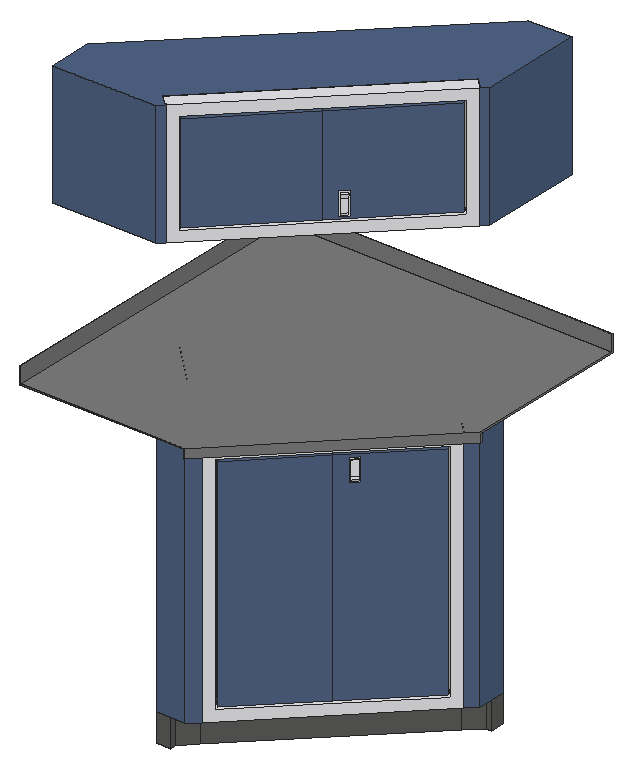
Revit family "Cabinet_Base-Cabinet_45-Degree-With-Overhead-Countertop_Moduline", category Furniture, Revit 2026
Family settings
  Classification Number = 23.40.20.00
  Work Plane-Based = No
  Enable Cutting in Views = No
  Always vertical = Yes
  Cut with Voids When Loaded = No
  Render Appearance Source = Family Geometry
  Shared = No
  Room Calculation Point = No
Parameters (values of type "36"H x 24"D x 30"W With 18"H Overhead")
  Width = 30.000"
  URL = "https://modulinecabinets.com"
  Toe Kick Material [instance] = Metal - Moduline Aluminum Cabinets - Black
  Toe Kick Height [instance] = if(Toe Kick 2in, 2.000", 4.000")  # 4.000"
  Toe Kick 4in [instance] = not(Toe Kick 2in)  # yes
  Toe Kick 2in [instance] = no
  Product Page URL = "https://www.arcat.com/company/moduline-aluminum-cabinets-54175"
  Overhead Height = 18.000"
  Model = "Pro II 45 Degree Base With Ovehead Cabinet"
  Manufacturer = "Moduline Aluminum Cabinets"
  Light Shields [instance] = no
  Keynote = "12 35 00"
  Height = 35.875"
  Frame Material [instance] = Aluminum - Moduline Aluminum Cabinets - Clear Anodized
  Door Clearance = Width / 2  # 15.000"
  Description = "Modular 45 Degree Base With Ovehead Cabinet, Double Door, 36\" Height x 24\" Depth x 30\" Width With 18\"H Overhead"
  Depth = 24.000"
  Default Elevation = 0.000"
  Countertop Material [instance] = Stainless Steel - Moduline Aluminum Cabinets - Deep Stainless Steel
  Countertop Height [instance] = if(Height = 31.875", 25.125", if(Height = 35.875", 21.125", 0.000"))  # 21.125"
  Copyright = "ARCAT"
  Cabinet Material [instance] = Aluminum - Moduline Aluminum Cabinets - Moduline Blue
Types (4): name | Overhead Height | Height | Description | Countertop Height
  36"H x 24"D x 30"W With 24"H Overhead | 24.000" | 35.875" | "Modular 45 Degree Base With Ovehead Cabinet, Double Door, 36\" Height x 24\" Depth x 30\" Width With 24\"H Overhead" | 21.125"
  32"H x 24"D x 30"W With 18"H Overhead | 18.000" | 31.875" | "Modular 45 Degree Base With Ovehead Cabinet, Double Door, 32\" Height x 24\" Depth x 30\" Width With 18\"H Overhead" | 25.125"
  36"H x 24"D x 30"W With 18"H Overhead | 18.000" | 35.875" | "Modular 45 Degree Base With Ovehead Cabinet, Double Door, 36\" Height x 24\" Depth x 30\" Width With 18\"H Overhead" | 21.125"
  32"H x 24"D x 30"W With 24"H Overhead | 24.000" | 31.875" | "Modular 45 Degree Base With Ovehead Cabinet, Double Door, 32\" Height x 24\" Depth x 30\" Width With 24\"H Overhead" | 25.125"
Reference planes (in)
  plane 1 "Center Front/Back": y = 0
  plane 2 "Bottom": z = 0
  plane 3 "Center Left/Right": x = 0
  plane 4 "Top": z = 39.875
  plane 5 "Toe Kick Height": z = 4
  plane 6 "Back Cabinet": through (10.49439, -27.34644, 48) normal (-0.7071, 0.7071, 0)
  plane 7 "Center of the Cabinet": through (0, 0, 48) normal (0.7071, 0.7071, 0)
  plane 8 "Back Overhead": through (4.75684, -30.96266, 48) normal (-0.7071, 0.7071, 0)
  plane 9 "Overhead Bottom": z = 61
  plane 10: z = 40
  plane 11: y = -48
  plane 12: x = 48
  plane 13: x = 42
  plane 14: y = -42
Lines and regions (in)
  Masking region 1
    outline origin (0, 0, 39.875) x (-1, 0, 0) y (0, -1, 0)
      loop
        line (-48, 0) -> (0, 0) -> (0, 48) -> (-23.97822, 48) -> (-48, 23.97822) -> (-48, 0)
Dimensions and locks (in)
  "Toe Kick Height": plane 5 "Toe Kick Height" to plane 2 "Bottom"
  "Height": plane 4 "Top" to plane 5 "Toe Kick Height"
  plane 9 "Overhead Bottom" to plane 10 = 21.000"
  locked: plane 10 to plane 4 "Top" at 0.125
  locked: plane 11 to plane 1 "Center Front/Back" at 48
  plane 3 "Center Left/Right" to plane 12 = 48.000"
  plane 3 "Center Left/Right" to plane 13 = 42.000"
  plane 14 to plane 1 "Center Front/Back" = 42.000"
  aligned and locked: level to plane 2 "Bottom"
  aligned and locked: plane 7 "Center of the Cabinet" to nested 1
  aligned and locked: nested 1 to plane 6 "Back Cabinet"
  aligned and locked: nested 2 to plane 8 "Back Overhead"
  aligned and locked: plane 7 "Center of the Cabinet" to nested 2
  aligned and locked: Masking region 1 sketch curve to plane 1 "Center Front/Back"
  aligned and locked: Masking region 1 sketch curve to plane 3 "Center Left/Right"
  aligned and locked: plane 7 "Center of the Cabinet" to nested 3
  aligned and locked: nested 3 to plane 10
  aligned and locked: plane 12 to Masking region 1 sketch curve
  aligned and locked: Masking region 1 sketch curve to plane 11
Automatic sketch dimensions
  plane 3 "Center Left/Right" to Masking region 1 sketch curve = 23.97822"
  Masking region 1 sketch curve to Masking region 1 sketch curve = 23.97822"
Nested families (in)
  nested 1: "NEST_Base-Cabinet_2-Doors" at (18.92041, -18.92041, 0) x (0.7071, 0.7071, 0) z (0, 0, 1), Toe Kick 4in <- "Toe Kick 4in", Cabinet Material <- "Cabinet Material", Frame Material <- "Frame Material", Toe Kick Material <- "Toe Kick Material", type "NEST_Base-Cabinet_2-Doors"
    with Toe Kick Material Metal - Moduline Aluminum Cabinets - Black, Toe Kick Height 4.000", Toe Kick 4in yes, Toe Kick 2in no, Frame Material Aluminum - Moduline Aluminum Cabinets - Clear Anodized, Cabinet Material Aluminum - Moduline Aluminum Cabinets - Moduline Blue
  nested 2: "NEST_Overhead-Corner" at (17.85975, -17.85975, 61) x (0.7071, 0.7071, 0) z (0, 0, 1), Cabinet Material <- "Cabinet Material", Frame Material <- "Frame Material", Light Shields <- "Light Shields", type "NEST_Overhead-Corner"
    with Light Shields Material Aluminum - Moduline Aluminum Cabinets - Clear Anodized, Light Shields no, Frame Material Aluminum - Moduline Aluminum Cabinets - Clear Anodized, Cabinet Material Aluminum - Moduline Aluminum Cabinets - Moduline Blue, Height 18.000"
  nested 3: "NEST_Countertop_45-Degree" at (0, 0, 39.92), type "NEST_Countertop_45-Degree"
    with Countertop Material Stainless Steel - Moduline Aluminum Cabinets - Deep Stainless Steel
Definition of nested family "NEST_Base-Cabinet_2-Doors"
  Parameters (values of type "NEST_Base-Cabinet_2-Doors")
    Width = 30.000"
    URL = "https://modulinecabinets.com"
    Toe Kick Material [instance] = none
    Toe Kick Height [instance] = if(Toe Kick 2in, 2.000", 4.000")  # 4.000"
    Toe Kick 4in [instance] = yes
    Toe Kick 2in [instance] = not(Toe Kick 4in)  # no
    Product Page URL = "https://www.arcat.com/company/moduline-aluminum-cabinets-54175"
    Model = "Pro II Base Cabinet"
    Manufacturer = "Moduline Aluminum Cabinets"
    Keynote = "12 35 00"
    Height = 35.875"
    Handle Length = Width - 3.500"  # 26.500"
    Frame Material [instance] = none
    Door Clearance = Width / 2  # 15.000"
    Description = "Modular Base Cabinet, Double Door, 36\" Height x 24\" Depth x 30\" Width"
    Depth = 24.000"
    Default Elevation = 0.000"
    Copyright = "ARCAT"
    Cabinet Material [instance] = none
  Reference planes (in)
    plane 1 "Center Front/Back": y = 0
    plane 2 "Bottom": z = 0
    plane 3 "Center Left/Right": x = 0
    plane 4 "Top": z = 39.875
    plane 5 "Left": x = -15
    plane 6 "Right": x = 15
    plane 7 "Toe Kick Height": z = 4
    plane 8 "Front": y = -24
    plane 9 "Frame Back": y = -21.81448
  Forms (in)
    Extrusion 1, solid, material <- "Toe Kick Material"
      sketch origin (0, 0, 0) x (0, 1, 0) y (0, 0, 1)
        loop
          line (-21.81448, 4) -> (-21.81448, 0) -> (0, 0) -> (0, 4) -> (-21.81448, 4)
      from -15 to 15
    Extrusion 2, solid, material <- "Cabinet Material"
      sketch origin (0, 0, 0) x (0, 1, 0) y (0, 0, 1)
        loop
          line (-21.81448, 39.875) -> (-21.81448, 4) -> (0, 4) -> (0, 39.875) -> (-21.81448, 39.875)
      from -15 to 15
    Extrusion 3, solid, material <- "Frame Material"
      sketch origin (0, 0, 0) x (1, 0, 0) y (0, 0, 1)
        loop
          line (-15, 39.875) -> (-15, 4) -> (15, 4) -> (15, 39.875) -> (-15, 39.875)
        loop
          line (-13.5, 38.375) -> (-13.5, 5.5) -> (13.5, 5.5) -> (13.5, 38.375) -> (-13.5, 38.375)
      from 21.81448 to 24
    Extrusion 4, solid, material <- "Cabinet Material"
      sketch origin (0, 0, 0) x (1, 0, 0) y (0, 0, 1)
        loop
          line (-13.2, 37.975) -> (-13.2, 5.9) -> (-0.06202, 5.9) -> (-0.06202, 37.975) -> (-13.2, 37.975)
        loop
          line (13.2, 5.9) -> (13.2, 37.975) -> (0.06202, 37.975) -> (0.06202, 5.9) -> (13.2, 5.9)
      from 21.81448 to 24
    Extrusion 5, solid, material <- "Cabinet Material"
      sketch origin (0, 0, 39.875) x (-1, 0, 0) y (0, -1, 0)
        loop
          line (15, 19.93841) -> (18.64645, 19.93841) -> (19.81328, 21.10524) -> (16.91852, 24) -> (15, 24) -> (15, 19.93841)
        loop
          line (-15, 19.93841) -> (-15, 24) -> (-16.91852, 24) -> (-19.81328, 21.10524) -> (-18.64645, 19.93841) -> (-15, 19.93841)
      from -35.875 to 0
    Extrusion 6, solid, material <- "Toe Kick Material"
      sketch origin (0, 0, 39.875) x (-1, 0, 0) y (0, -1, 0)
        loop
          line (18.64645, 19.93841) -> (19.81328, 21.10524) -> (18.39117, 22.52736) -> (17.80222, 21.93841) -> (15, 21.93841) -> (15, 19.93841) -> (18.64645, 19.93841)
        loop
          line (-18.64645, 19.93841) -> (-15, 19.93841) -> (-15, 21.93841) -> (-17.80222, 21.93841) -> (-18.39117, 22.52736) -> (-19.81328, 21.10524) -> (-18.64645, 19.93841)
      from -35.875 to -39.875
  Cuts and joins
    joined: Extrusion 2, Extrusion 4, Extrusion 5
    joined: Extrusion 1, Extrusion 6
  Lines and regions (in)
    Masking region 1
      outline origin (0, 0, 0) x (1, 0, 0) y (0, 1, 0)
        loop
          line (-15, 0) -> (-15, -19.93841) -> (-18.64645, -19.93841) -> (-19.81328, -21.10524) -> (-16.91852, -24) -> (16.91852, -24) -> (19.81328, -21.10524) -> (18.64645, -19.93841) -> (15, -19.93841) -> (15, 0) -> (-15, 0)
    model lines
      curve 1: line (15, 0, 39.3385) -> (15, 0, 39.50732)
    symbolic lines
      curve 2: line (-15, -24, 39.875) -> (-15, -39, 39.875)
      curve 3: line (15, -39, 39.875) -> (15, -24, 39.875)
      curve 4: arc (-15, -39, 39.875) -> (-4.3934, -34.6066, 39.875) -> (0, -24, 39.875) r 15
      curve 5: arc (0, -24, 39.875) -> (4.3934, -34.6066, 39.875) -> (15, -39, 39.875) r 15
  Dimensions and locks (in)
    "Toe Kick Height": plane 7 "Toe Kick Height" to plane 2 "Bottom"
    "Height": plane 4 "Top" to plane 7 "Toe Kick Height"
    "Width": plane 6 "Right" to plane 5 "Left"
    equal spacing: plane 6 "Right", plane 3 "Center Left/Right", plane 5 "Left"
    locked: plane 8 "Front" to Extrusion 1 sketch curve at 2.18552
    plane 8 "Front" to Extrusion 2 sketch curve = 2.18552"
    plane 9 "Frame Back" to plane 8 "Front" = 2.18552"
    locked: Extrusion 2 to Extrusion 3 sketch curve at 1.5  (x2)
    locked: Extrusion 3 sketch curve to Extrusion 2 at 1.5
    Extrusion 4 sketch curve to plane 7 "Toe Kick Height" = 1.900"  (x2)
    plane 4 "Top" to Extrusion 4 sketch curve = 1.900"  (x2)
    equal spacing: Extrusion 4 sketch curve, plane 3 "Center Left/Right", Extrusion 4 sketch curve
    equal spacing: plane 6 "Right", Extrusion 4 sketch curve, plane 3 "Center Left/Right", Extrusion 4 sketch curve, plane 5 "Left"
    "Depth": plane 8 "Front" to plane 1 "Center Front/Back"
    locked: plane 4 "Top" to nested 1 at 3.88556
    "Door Clearance": plane 8 "Front" to curve 4
    locked: Extrusion 6 sketch curve to plane 9 "Frame Back" at 0.12392
    locked: plane 9 "Frame Back" to Extrusion 6 sketch curve at 0.12392
    locked: Extrusion 5 sketch curve to plane 8 "Front" (angle 45.00°)
    locked: Extrusion 5 sketch curve to Extrusion 5 sketch curve (angle 135.00°)  (x2)
    locked: plane 8 "Front" to Extrusion 5 sketch curve (angle 45.00°)
    locked: Extrusion 6 sketch curve to plane 9 "Frame Back" (angle 45.00°)
    locked: plane 9 "Frame Back" to Extrusion 6 sketch curve (angle 45.00°)
    aligned and locked: level to plane 2 "Bottom"
    aligned and locked: plane 7 "Toe Kick Height" to Extrusion 1 sketch curve
    aligned and locked: plane 1 "Center Front/Back" to Extrusion 1 sketch curve
    aligned and locked: plane 2 "Bottom" to Extrusion 1 sketch curve
    aligned and locked: plane 6 "Right" to Extrusion 1
    aligned and locked: Extrusion 1 to plane 5 "Left"
    aligned and locked: plane 1 "Center Front/Back" to Extrusion 2 sketch curve
    aligned and locked: Extrusion 2 sketch curve to plane 4 "Top"
    aligned and locked: Extrusion 2 sketch curve to plane 7 "Toe Kick Height"
    aligned and locked: plane 6 "Right" to Extrusion 2
    aligned and locked: Extrusion 2 to plane 5 "Left"
    aligned and locked: Extrusion 3 sketch curve to plane 4 "Top"
    aligned and locked: plane 5 "Left" to Extrusion 3 sketch curve
    aligned and locked: Extrusion 3 sketch curve to plane 6 "Right"
    aligned and locked: Extrusion 3 sketch curve to plane 7 "Toe Kick Height"
    aligned and locked: Extrusion 3 to plane 8 "Front"
    aligned and locked: plane 9 "Frame Back" to Extrusion 3
    aligned and locked: plane 9 "Frame Back" to Extrusion 4
    aligned and locked: Extrusion 4 to plane 8 "Front"
    aligned and locked: Masking region 1 sketch curve to plane 6 "Right"
    aligned and locked: plane 1 "Center Front/Back" to Masking region 1 sketch curve
    aligned and locked: plane 8 "Front" to Masking region 1 sketch curve
    aligned and locked: Extrusion 5 sketch curve to plane 5 "Left"
    aligned and locked: plane 8 "Front" to Extrusion 5 sketch curve
    aligned and locked: Extrusion 5 sketch curve to plane 8 "Front"
    aligned and locked: Extrusion 5 sketch curve to plane 6 "Right"
    aligned and locked: plane 4 "Top" to Extrusion 5
    aligned and locked: plane 7 "Toe Kick Height" to cut or joined group of Extrusion 2, Extrusion 4, Extrusion 5
    aligned and locked: Extrusion 6 sketch curve to plane 5 "Left"
    aligned and locked: Extrusion 6 sketch curve to plane 6 "Right"
    aligned and locked: Extrusion 6 to plane 2 "Bottom"
    aligned and locked: Extrusion 6 to plane 7 "Toe Kick Height"
  Automatic sketch dimensions
    Extrusion 4 sketch curve to plane 3 "Center Left/Right" = 0.06202"
    curve 1 to plane 6 "Right" = 0.000"
    curve 1 to plane 4 "Top" = 0.5365"
    curve 1 to curve 1 = 0.16882"
    Extrusion 3 sketch curve to plane 6 "Right" = 1.500"
    Extrusion 5 sketch curve to Extrusion 5 sketch curve = 1.91852"  (x2)
    plane 9 "Frame Back" to Extrusion 5 sketch curve = 0.70924"  (x2)
    Extrusion 5 sketch curve to Extrusion 5 sketch curve = 1.16683"
    Extrusion 5 sketch curve to Extrusion 5 sketch curve = 3.64645"
    Extrusion 6 sketch curve to Extrusion 6 sketch curve = 2.80222"
    Extrusion 6 sketch curve to Extrusion 6 sketch curve = 0.58895"  (x2)
    Extrusion 6 sketch curve to Extrusion 6 sketch curve = 0.84423"  (x2)
    plane 9 "Frame Back" to Extrusion 6 sketch curve = 0.70924"  (x2)
    Extrusion 6 sketch curve to plane 5 "Left" = 2.80222"
    plane 9 "Frame Back" to Masking region 1 sketch curve = 1.87608"  (x2)
    plane 9 "Frame Back" to Masking region 1 sketch curve = 0.70924"  (x2)
    Masking region 1 sketch curve to Masking region 1 sketch curve = 1.16683"  (x2)
    Masking region 1 sketch curve to plane 5 "Left" = 0.000"
    Masking region 1 sketch curve to plane 5 "Left" = 1.91852"
    plane 6 "Right" to Masking region 1 sketch curve = 1.91852"
    Extrusion 4 sketch curve to plane 6 "Right" = 1.800"
    plane 5 "Left" to Extrusion 4 sketch curve = 1.800"
    curve 5 to plane 6 "Right" = 0.000"
    curve 5 to plane 3 "Center Left/Right" = 0.000"
    curve 4 to plane 3 "Center Left/Right" = 0.000"
    curve 2 to plane 5 "Left" = 0.000"
    curve 2 to plane 8 "Front" = 0.000"
    curve 3 to plane 8 "Front" = 0.000"
  Nested families (in)
    nested 1: "NEST_Door-Trigger_Latch" at (2.5, -24, 35.98944) x (1, 0, 0) z (0, -1, 0), Trigger Latch Material <- "Frame Material", type "NEST_Door-Trigger_Latch"
      with Trigger Latch Material none
  Definition of nested family "NEST_Door-Trigger_Latch"
    Parameters (values of type "NEST_Door-Trigger_Latch")
      Trigger Latch Material [instance] = none
      Default Elevation = 48.000"
    Reference planes (in)
      plane 1 "Center (Front/Back)": y = 0
      plane 2: z = 0
      plane 3 "Center (Left/Right)": x = 0
    Forms (in)
      Extrusion 1, solid
        sketch origin (0, 0, 0) x (1, 0, 0) y (0, 1, 0)
          loop
            line (-48, 48) -> (-48, -48) -> (48, -48) -> (48, 48) -> (-48, 48)
        from 0 to -12
      Extrusion 2, solid, material <- "Trigger Latch Material"
        sketch origin (0, -0.30873, 0) x (1, 0, 0) y (0, 1, 0)
          loop
            line (-0.57447, 1.93373) -> (-0.57447, -1.31627) -> (0.57447, -1.31627) -> (0.57447, 1.93373) -> (-0.57447, 1.93373)
        from 0 to 0.07286
      Extrusion 3, solid, material <- "Trigger Latch Material"
        sketch origin (0, -0.47429, 0) x (0, 1, 0) y (0, 0, 1)
          loop
            line (-0.98515, 0.07286) -> (1.93373, 0.07286) -> (1.75078, 0.10926) -> (-0.28542, 0.10926) -> (-0.74127, 0.22291) -> (-0.98515, 0.10919) -> (-0.98515, 0.07286)
        from -0.45147 to 0.45147
    Cuts and joins
      joined: Extrusion 2, Extrusion 3
    Dimensions and locks (in)
      equal spacing: Extrusion 2 sketch curve, plane 3 "Center (Left/Right)", Extrusion 2 sketch curve, locked at 0.57447 each
      equal spacing: Extrusion 2 sketch curve, plane 1 "Center (Front/Back)", Extrusion 2 sketch curve, locked at 1.625 each
      aligned and locked: plane 2 to Extrusion 1
      aligned and locked: level to Extrusion 1
Definition of nested family "NEST_Overhead-Corner"
  Parameters (values of type "NEST_Overhead-Corner")
    Width = 36.000"
    URL = "https://modulinecabinets.com"
    Product Page URL = "https://www.arcat.com/company/moduline-aluminum-cabinets-54175"
    Model = "Pro II Overhead Wall Cabinets"
    Manufacturer = "Moduline Aluminum Cabinets"
    Light Shields Material [instance] = none
    Light Shields [instance] = no
    Keynote = "12 35 00"
    Height = 24.000"
    Frame Material [instance] = none
    Door Clearance = Width / 2  # 18.000"
    Description = "Modular Overhead Wall Cabinet, Double Door, 24\" Height x 15\" Depth x 36\" Width"
    Depth = 15.000"
    Default Elevation = 0.000"
    Copyright = "ARCAT"
    Cabinet Material [instance] = none
  Reference planes (in)
    plane 1 "Center Front/Back": y = 0
    plane 2 "Bottom": z = 0
    plane 3 "Center Left/Right": x = 0
    plane 4 "Top": z = 24
    plane 5 "Left": x = -18
    plane 6 "Right": x = 18
    plane 7 "Front": y = -15
    plane 8 "Frame Back": y = -12.81448
    plane 9 "LED Lighting": z = -2.39992
  Forms (in)
    Extrusion 1, solid, material <- "Cabinet Material"
      sketch origin (0, 0, 0) x (0, 1, 0) y (0, 0, 1)
        loop
          line (-12.81448, 24) -> (-12.81448, 0) -> (0, 0) -> (0, 24) -> (-12.81448, 24)
      from -18 to 18
    Extrusion 2, solid, material <- "Frame Material"
      sketch origin (0, 0, 0) x (1, 0, 0) y (0, 0, 1)
        loop
          line (-18, 24) -> (-18, 0) -> (18, 0) -> (18, 24) -> (-18, 24)
        loop
          line (-16.5, 22.5) -> (-16.5, 1.5) -> (16.5, 1.5) -> (16.5, 22.5) -> (-16.5, 22.5)
      from 12.81448 to 15
    Extrusion 3, solid, material <- "Cabinet Material"
      sketch origin (0, 0, 0) x (1, 0, 0) y (0, 0, 1)
        loop
          line (-16.25306, 22.1) -> (-16.25306, 1.9) -> (-0.06202, 1.9) -> (-0.06202, 22.1) -> (-16.25306, 22.1)
        loop
          line (16.25306, 1.9) -> (16.25306, 22.1) -> (0.06202, 22.1) -> (0.06202, 1.9) -> (16.25306, 1.9)
      from 12.81448 to 15
    Extrusion 4, solid, material <- "Frame Material", visible <- "Light Shields"
      sketch origin (0, 0, 0) x (0, 1, 0) y (0, 0, 1)
        loop
          line (-13.65234, -2.32072) -> (-13.97487, -2.32072) -> (-14.91104, -0.98373) -> (-14.91104, -0.07265) -> (-12.98907, -0.07265) -> (-12.98907, 0) -> (-15, 0) -> (-15, -0.988) -> (-14.02806, -2.39992) -> (-13.65234, -2.39992) -> (-13.65234, -2.32072)
      from -20.391 to 20.391
    Extrusion 5, solid, material <- "Cabinet Material"
      sketch origin (0, 0, 24) x (-1, 0, 0) y (0, -1, 0)
        loop
          line (-18, 0) -> (-18, 15) -> (-19.13981, 15) -> (-29.69848, 4.44132) -> (-25.25716, 0) -> (-18, 0)
        loop
          line (18, 0) -> (25.25716, 0) -> (29.69848, 4.44132) -> (19.13981, 15) -> (18, 15) -> (18, 0)
      from -24 to 0
    Extrusion 6, void
      sketch origin (0.0625, -12.81448, 0) x (0, 0, -1) y (-1, 0, 0)
        loop
          line (0, -20.57955) -> (2.39992, -20.57955) -> (2.39992, -19.95814) -> (0.98779, -18.96935) -> (0, -18.96935) -> (0, -20.57955)
        loop
          line (0, 20.70455) -> (0, 19.09435) -> (0.98779, 19.09435) -> (2.39992, 20.08314) -> (2.39992, 20.70455) -> (0, 20.70455)
      from -2.78622 to 0.82756
  Cuts and joins
    joined: Extrusion 1, Extrusion 3, Extrusion 5
    Extrusion 6 cuts Extrusion 4
  Lines and regions (in)
    Masking region 1
      outline origin (0, 0, 24) x (-1, 0, 0) y (0, -1, 0)
        loop
          line (25.25716, 0) -> (29.69848, 4.44132) -> (19.13981, 15) -> (-19.13981, 15) -> (-29.69848, 4.44132) -> (-25.25716, 0) -> (25.25716, 0)
    model lines
      curve 1: line (18, 0, 23.4635) -> (18, 0, 23.63232)
    symbolic lines
      curve 2: line (-18, -15, 24) -> (-18, -33, 24)
      curve 3: line (18, -33, 24) -> (18, -15, 24)
      curve 4: arc (-18, -33, 24) -> (-5.27208, -27.72792, 24) -> (0, -15, 24) r 18
      curve 5: arc (0, -15, 24) -> (5.27208, -27.72792, 24) -> (18, -33, 24) r 18
  Dimensions and locks (in)
    "Width": plane 6 "Right" to plane 5 "Left"
    equal spacing: plane 6 "Right", plane 3 "Center Left/Right", plane 5 "Left"
    plane 7 "Front" to Extrusion 1 sketch curve = 2.18552"
    plane 8 "Frame Back" to plane 7 "Front" = 2.18552"
    locked: Extrusion 1 to Extrusion 2 sketch curve at 1.5  (x2)
    plane 4 "Top" to Extrusion 3 sketch curve = 1.900"  (x2)
    equal spacing: Extrusion 3 sketch curve, plane 3 "Center Left/Right", Extrusion 3 sketch curve
    equal spacing: plane 6 "Right", Extrusion 3 sketch curve, plane 3 "Center Left/Right", Extrusion 3 sketch curve, plane 5 "Left"
    "Depth": plane 7 "Front" to plane 1 "Center Front/Back"
    "Door Clearance": plane 7 "Front" to curve 4
    "Height": plane 4 "Top" to plane 2 "Bottom"
    Extrusion 2 sketch curve to plane 2 "Bottom" = 1.500"
    nested 1 to plane 3 "Center Left/Right" = 2.500"
    plane 2 "Bottom" to plane 9 "LED Lighting" = 2.39992"
    equal spacing: Extrusion 4, plane 3 "Center Left/Right", Extrusion 4
    locked: plane 5 "Left" to Extrusion 6 sketch curve at 1.03185
    locked: plane 5 "Left" to Extrusion 6 sketch curve at 2.64205
    locked: Extrusion 6 sketch curve to plane 6 "Right" at 1.03185
    locked: Extrusion 6 sketch curve to plane 6 "Right" at 2.64205
    Extrusion 3 sketch curve to plane 2 "Bottom" = 1.900"  (x2)
    cut or joined group of Extrusion 1, Extrusion 3, Extrusion 5 to Masking region 1 = 42.000"  (x2)
    locked: Extrusion 5 sketch curve to plane 7 "Front" (angle 45.00°)
    locked: plane 7 "Front" to Extrusion 5 sketch curve (angle 45.00°)
    locked: Extrusion 5 sketch curve to plane 1 "Center Front/Back" (angle 45.00°)
    locked: plane 1 "Center Front/Back" to Extrusion 5 sketch curve (angle 45.00°)
    aligned and locked: level to plane 2 "Bottom"
    aligned and locked: plane 1 "Center Front/Back" to Extrusion 1 sketch curve
    aligned and locked: Extrusion 1 sketch curve to plane 4 "Top"
    aligned and locked: plane 6 "Right" to Extrusion 1
    aligned and locked: Extrusion 1 to plane 5 "Left"
    aligned and locked: Extrusion 2 sketch curve to plane 4 "Top"
    aligned and locked: plane 5 "Left" to Extrusion 2 sketch curve
    aligned and locked: Extrusion 2 sketch curve to plane 6 "Right"
    aligned and locked: Extrusion 2 to plane 7 "Front"
    aligned and locked: plane 8 "Frame Back" to Extrusion 2
    aligned and locked: plane 8 "Frame Back" to Extrusion 3
    aligned and locked: Extrusion 3 to plane 7 "Front"
    aligned and locked: plane 1 "Center Front/Back" to Masking region 1 sketch curve
    aligned and locked: plane 7 "Front" to Masking region 1 sketch curve
    aligned and locked: plane 2 "Bottom" to Extrusion 2 sketch curve
    aligned and locked: Extrusion 1 sketch curve to plane 2 "Bottom"
    aligned and locked: plane 9 "LED Lighting" to Extrusion 4 sketch curve
    aligned and locked: plane 7 "Front" to Extrusion 4 sketch curve
    aligned and locked: Extrusion 4 sketch curve to plane 2 "Bottom"
    aligned and locked: Extrusion 5 sketch curve to plane 1 "Center Front/Back"
    aligned and locked: Extrusion 5 sketch curve to plane 6 "Right"
    aligned and locked: Extrusion 5 sketch curve to plane 7 "Front"
    aligned and locked: Extrusion 5 sketch curve to plane 5 "Left"
    aligned and locked: plane 1 "Center Front/Back" to Extrusion 5 sketch curve
    aligned and locked: plane 7 "Front" to Extrusion 5 sketch curve
    aligned and locked: Extrusion 5 to plane 2 "Bottom"
    aligned and locked: plane 4 "Top" to Extrusion 5
    aligned and locked: plane 2 "Bottom" to Extrusion 6 sketch curve
    aligned and locked: Extrusion 6 sketch curve to plane 9 "LED Lighting"
    aligned and locked: Extrusion 6 sketch curve to plane 2 "Bottom"
    aligned and locked: plane 9 "LED Lighting" to Extrusion 6 sketch curve
  Automatic sketch dimensions
    curve 1 to plane 6 "Right" = 0.000"
    curve 1 to plane 4 "Top" = 0.5365"
    curve 1 to curve 1 = 0.16882"
    Extrusion 2 sketch curve to plane 6 "Right" = 1.500"
    plane 5 "Left" to Extrusion 3 sketch curve = 1.74694"
    Extrusion 3 sketch curve to plane 3 "Center Left/Right" = 0.06202"
    Extrusion 3 sketch curve to plane 6 "Right" = 1.74694"
    curve 5 to plane 6 "Right" = 0.000"
    curve 5 to plane 3 "Center Left/Right" = 0.000"
    curve 4 to plane 3 "Center Left/Right" = 0.000"
    curve 2 to plane 5 "Left" = 0.000"
    curve 2 to plane 7 "Front" = 0.000"
    curve 3 to plane 7 "Front" = 0.000"
    plane 6 "Right" to Extrusion 5 sketch curve = 1.13981"
    plane 1 "Center Front/Back" to Extrusion 5 sketch curve = 4.44132"  (x2)
    Extrusion 5 sketch curve to Extrusion 5 sketch curve = 1.13981"
    Extrusion 6 sketch curve to level = 0.98779"
    Extrusion 6 sketch curve to Extrusion 6 sketch curve = 0.98779"
    Extrusion 6 sketch curve to Extrusion 6 sketch curve = 0.62141"
    Extrusion 6 sketch curve to Extrusion 6 sketch curve = 0.98879"
    plane 7 "Front" to Extrusion 4 sketch curve = 0.08896"
    plane 7 "Front" to Extrusion 4 sketch curve = 0.97194"
    plane 9 "LED Lighting" to Extrusion 4 sketch curve = 0.0792"
    Extrusion 4 sketch curve to Extrusion 4 sketch curve = 0.05319"
    Extrusion 4 sketch curve to Extrusion 4 sketch curve = 0.32253"
    Extrusion 4 sketch curve to level = 0.07265"
    Extrusion 4 sketch curve to plane 8 "Frame Back" = 0.17459"
    Extrusion 4 sketch curve to Extrusion 4 sketch curve = 0.00427"
    Extrusion 4 sketch curve to Extrusion 4 sketch curve = 0.91535"
    Masking region 1 sketch curve to Masking region 1 sketch curve = 4.44132"
    Masking region 1 sketch curve to plane 5 "Left" = 1.13981"
    plane 1 "Center Front/Back" to Masking region 1 sketch curve = 4.44132"
    plane 6 "Right" to Masking region 1 sketch curve = 1.13981"
    plane 6 "Right" to Masking region 1 sketch curve = 7.25716"
    Masking region 1 sketch curve to plane 5 "Left" = 7.25716"
  Nested families (in)
    nested 1: "NEST_Door-Trigger_Latch" at (2.5, -15, 3.90284) x (-1, 0, 0) z (0, -1, 0), Trigger Latch Material <- "Frame Material", type "NEST_Door-Trigger_Latch"
      with Trigger Latch Material none
  Definition of nested family "NEST_Door-Trigger_Latch"
    Parameters (values of type "NEST_Door-Trigger_Latch")
      Trigger Latch Material [instance] = none
      Default Elevation = 48.000"
    Reference planes (in)
      plane 1 "Center (Front/Back)": y = 0
      plane 2: z = 0
      plane 3 "Center (Left/Right)": x = 0
    Forms (in)
      Extrusion 1, solid
        sketch origin (0, 0, 0) x (1, 0, 0) y (0, 1, 0)
          loop
            line (-48, 48) -> (-48, -48) -> (48, -48) -> (48, 48) -> (-48, 48)
        from 0 to -12
      Extrusion 2, solid, material <- "Trigger Latch Material"
        sketch origin (0, -0.30873, 0) x (1, 0, 0) y (0, 1, 0)
          loop
            line (-0.57447, 1.93373) -> (-0.57447, -1.31627) -> (0.57447, -1.31627) -> (0.57447, 1.93373) -> (-0.57447, 1.93373)
        from 0 to 0.07286
      Extrusion 3, solid, material <- "Trigger Latch Material"
        sketch origin (0, -0.47429, 0) x (0, 1, 0) y (0, 0, 1)
          loop
            line (-0.98515, 0.07286) -> (1.93373, 0.07286) -> (1.75078, 0.10926) -> (-0.28542, 0.10926) -> (-0.74127, 0.22291) -> (-0.98515, 0.10919) -> (-0.98515, 0.07286)
        from -0.45147 to 0.45147
    Cuts and joins
      joined: Extrusion 2, Extrusion 3
    Dimensions and locks (in)
      equal spacing: Extrusion 2 sketch curve, plane 3 "Center (Left/Right)", Extrusion 2 sketch curve, locked at 0.57447 each
      equal spacing: Extrusion 2 sketch curve, plane 1 "Center (Front/Back)", Extrusion 2 sketch curve, locked at 1.625 each
      aligned and locked: plane 2 to Extrusion 1
      aligned and locked: level to Extrusion 1
Definition of nested family "NEST_Countertop_45-Degree"
  Parameters (values of type "NEST_Countertop_45-Degree")
    URL = "https://modulinecabinets.com"
    Thickness = 0.080"
    Product Page URL = "https://www.arcat.com/company/moduline-aluminum-cabinets-54175"
    Model = "Pro II Countertop Corner"
    Manufacturer = "Moduline Aluminum Cabinets"
    Keynote = "12 35 00"
    Description = "45 Degree, Countertop Corner"
    Default Elevation = 0.000"
    Countertop Material [instance] = none
    Copyright = "ARCAT"
  Reference planes (in)
    plane 1 "Center Front/Back": y = 0
    plane 2 "Bottom": z = 0
    plane 3 "Center Left/Right": x = 0
    plane 4 "Top": z = 2.475
    plane 5 "Center": through (0, 0, 48) normal (0.7071, 0.7071, 0)
    plane 6: z = -1.25
    plane 7: z = 0.08
    plane 8 "Right": x = 48
    plane 9 "Left": y = -48
  Forms (in)
    Extrusion 1, solid, material <- "Countertop Material"
      sketch origin (23.93519, -23.93519, 0) x (0.707107, 0.707107, 0) y (-0.707107, 0.707107, 0)
        loop
          line (-33.94113, -0.09166) -> (-16.98581, -17.04697) -> (16.98581, -17.04697) -> (33.94113, -0.09166) -> (0, 33.84947) -> (-33.94113, -0.09166)
      from 0 to 0.08
    Extrusion 2, solid, material <- "Countertop Material"
      sketch origin (23.93121, -23.93121, 0) x (0.707107, 0.707107, 0) y (-0.707107, 0.707107, 0)
        loop
          line (-33.94113, -0.09728) -> (-33.88491, -0.1535) -> (0, 33.73141) -> (33.88491, -0.1535) -> (33.94113, -0.09728) -> (0, 33.84384) -> (-33.94113, -0.09728)
      from 0.075 to 2.475
    Extrusion 3, solid, material <- "Countertop Material"
      sketch origin (0, 0, 0) x (1, 0, 0) y (0, 1, 0)
        loop
          line (48, -23.8653) -> (23.8653, -48) -> (23.97844, -48) -> (48, -23.97844) -> (48, -23.8653)
      from -1.25 to 0
  Cuts and joins
    joined: Extrusion 1, Extrusion 2, Extrusion 3
  Lines and regions (in)
    Masking region 1
      outline origin (0, 0, 2.475) x (-1, 0, 0) y (0, -1, 0)
        loop
          line (0, 0) -> (0, 48) -> (-23.97844, 48) -> (-48, 23.97844) -> (-48, 0) -> (0, 0)
  Dimensions and locks (in)
    locked: plane 2 "Bottom" to plane 6 at 1.25
    plane 7 to level = 0.080"
    plane 4 "Top" to plane 2 "Bottom" = 2.475"
    locked: plane 4 "Top" to plane 7 at 2.395
    locked: plane 7 to level at 0.08
    plane 4 "Top" to plane 6 = 3.725"
    plane 9 "Left" to plane 1 "Center Front/Back" = 48.000"
    plane 3 "Center Left/Right" to plane 8 "Right" = 48.000"
    aligned and locked: level to plane 2 "Bottom"
    aligned and locked: plane 7 to Extrusion 1
    aligned and locked: plane 8 "Right" to Extrusion 2
    aligned and locked: Extrusion 2 to plane 9 "Left"
    aligned and locked: plane 8 "Right" to Masking region 1
    aligned and locked: plane 8 "Right" to Extrusion 1 sketch curve
    aligned and locked: Extrusion 1 sketch curve to plane 9 "Left"
    aligned and locked: Extrusion 3 sketch curve to plane 9 "Left"
    aligned and locked: Extrusion 3 sketch curve to plane 8 "Right"
